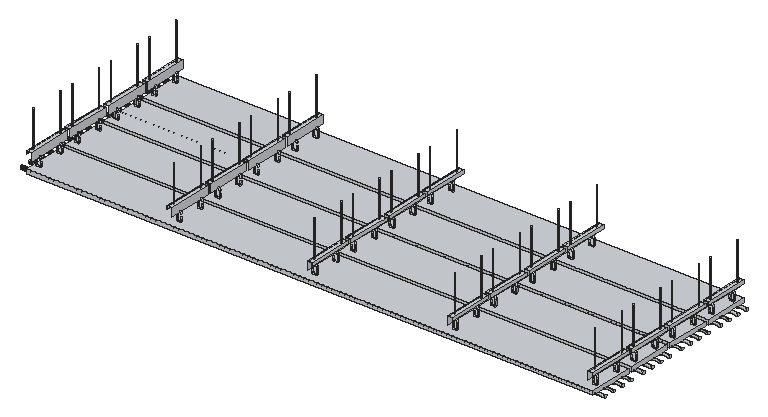
Revit family "INFRA_AQUA_ECO_TYPE_4", category Mechanical Equipment, Revit 2015
Parameters (values of type "Type 2 L=4000")
  Width_per_element = 306 mm
  URL = "http://www.markclimate.co.uk/radiant-heating/water-supplied/infra-aqua-eco/"
  Total_width = 1300 mm
  Space_between_elements = 25 mm
  Product_serie = "INFRA AQUA ECO"  # constant formula
  Pipe_spacing = 75 mm
  Panelweight [instance] = 50.00 kg
  Panel_height = 42 mm
  Model = "Type 1"
  Material_index = 4
  Material = none
  Manufacturer = "MARK Climate Technology"  # constant formula
  Length = Material_index * 1000 mm  # 4000 mm
  Last_panel [instance] = no
  Ifc_Export_type = "RADIATOR"  # constant formula
  Ifc_Export_as = "IfcSpaceHeater"  # constant formula
  Ifc_Description = "Radiant heater, waterfed, type INFRA AQUA ECO"  # constant formula
  Hook_panel = 28.302 mm
  Heating_load = 0 W
  Hanger_downforce_per_anchor [instance] = 12.16 kN
  First_panel [instance] = no
  Description = "Radiant heater, waterfed, type INFRA AQUA ECO"  # constant formula
  Date_last_modification = ""
  Ceiling_height = 350 mm
Types (3, lengths in mm): name | Total_width | Panelweight | Material_index | Material | Length | Hanger_downforce_per_anchor
  (no name) | 1300 | 50.00 kg | 4 | none | 4000 | 12.16 kN
  Type 2 L=4000 | 1300 | 50.00 kg | 4 | none | 4000 | 12.16 kN
  Type 2 L=6000 | 1299.6 | 74.00 kg | 6 | Aluminium | 6000 | 18.15 kN
Reference planes
  plane 1 "Center (Front/Back)": y = 495.65
  plane 2: z = 0
  plane 3 "Center (Left/Right)": x = 0
  plane 4: z = -12
  plane 5: x = -1945
  plane 6: x = 1945
  plane 7: x = 2000
  plane 8: x = -2000
  plane 9: z = -11
  plane 10: z = 30
  plane 11: y = -102.5
  plane 12: y = -122.5
  plane 13: y = -47.5
  plane 14: y = -27.5
  plane 15: y = 27.5
  plane 16: y = 47.5
  plane 17: y = 102.5
  plane 18: y = 122.5
  plane 19: z = 4
  plane 20: z = 58.302
  plane 21: y = 112.5
  plane 22: y = 37.5
  plane 23: y = -37.5
  plane 24: y = -112.5
  plane 25: z = -3.5
  plane 26: z = -11
  plane 27: z = 30
  plane 28: y = 227.5
  plane 29: y = 207.5
  plane 30: y = 282.5
  plane 31: y = 302.5
  plane 32: y = 357.5
  plane 33: y = 377.5
  plane 34: y = 432.5
  plane 35: y = 452.5
  plane 36: z = 4
  plane 37: z = 58.302
  plane 38: y = 442.5
  plane 39: y = 367.5
  plane 40: y = 292.5
  plane 41: y = 217.5
  plane 42: z = -3.5
  plane 43: y = 330
  plane 44: y = 558.8
  plane 45: y = 538.8
  plane 46: y = 613.8
  plane 47: y = 633.8
  plane 48: y = 688.8
  plane 49: y = 708.8
  plane 50: y = 763.8
  plane 51: y = 783.8
  plane 52: y = 773.8
  plane 53: y = 698.8
  plane 54: y = 623.8
  plane 55: y = 548.8
  plane 56: y = 890.1
  plane 57: y = 870.1
  plane 58: y = 945.1
  plane 59: y = 965.1
  plane 60: y = 1020.1
  plane 61: y = 1040.1
  plane 62: y = 1095.1
  plane 63: y = 1115.1
  plane 64: y = 1105.1
  plane 65: y = 1030.1
  plane 66: y = 955.1
  plane 67: y = 880.1
  plane 68: y = 1145.65
  plane 69: y = 839.6
  plane 70: y = 508.6
  plane 71: y = 482.65
  plane 72: y = 151.65
  plane 73: y = 814.6
  plane 74: y = 176.65
  plane 75: y = -154.35
Forms (mm)
  Extrusion 1, solid
    sketch origin (0, 0, 0) x (0, 1, 0) y (0, 0, 1)
      loop
        circle (-112.5, -3.5) r 7.5
      loop
        circle (-37.5, -3.5) r 7.5
      loop
        circle (37.5, -3.5) r 7.5
      loop
        circle (112.5, -3.5) r 7.5
    from -2000 to 2000
  Extrusion 2, solid
    sketch origin (0, 330, 0) x (0, 1, 0) y (0, 0, 1)
      loop
        circle (-112.5, -3.5) r 7.5
      loop
        circle (-37.5, -3.5) r 7.5
      loop
        circle (37.5, -3.5) r 7.5
      loop
        circle (112.5, -3.5) r 7.5
    from -2000 to 2000
  Extrusion 3, solid
    sketch origin (0, 661.3, 0) x (0, 1, 0) y (0, 0, 1)
      loop
        circle (-112.5, -3.5) r 7.5
      loop
        circle (-37.5, -3.5) r 7.5
      loop
        circle (37.5, -3.5) r 7.5
      loop
        circle (112.5, -3.5) r 7.5
    from -2000 to 2000
  Extrusion 4, solid
    sketch origin (0, 992.6, 0) x (0, 1, 0) y (0, 0, 1)
      loop
        circle (-112.5, -3.5) r 7.5
      loop
        circle (-37.5, -3.5) r 7.5
      loop
        circle (37.5, -3.5) r 7.5
      loop
        circle (112.5, -3.5) r 7.5
    from -2000 to 2000
  Extrusion 5, solid
    sketch origin (0, 0, 0) x (0, 1, 0) y (0, 0, 1)
      loop
        line (-154.35, 30) -> (-154.35, 0) -> (-122.5, 0)
        spline (-122.5, 0) -> (-122.159, -3.106) -> (-121.16, -6) -> (-119.571, -8.485) -> (-117.5, -10.392) -> (-115.088, -11.591) -> (-112.5, -12) -> (-109.912, -11.591) -> (-107.5, -10.392) -> (-105.429, -8.485) -> (-103.84, -6) -> (-102.841, -3.106) -> (-102.5, 0)
        line (-102.5, 0) -> (-47.5, 0)
        spline (-47.5, 0) -> (-47.159, -3.106) -> (-46.16, -6) -> (-44.571, -8.485) -> (-42.5, -10.392) -> (-40.088, -11.591) -> (-37.5, -12) -> (-34.912, -11.591) -> (-32.5, -10.392) -> (-30.429, -8.485) -> (-28.84, -6) -> (-27.841, -3.106) -> (-27.5, 0)
        line (-27.5, 0) -> (27.5, 0)
        spline (27.5, 0) -> (27.841, -3.106) -> (28.84, -6) -> (30.429, -8.485) -> (32.5, -10.392) -> (34.912, -11.591) -> (37.5, -12) -> (40.088, -11.591) -> (42.5, -10.392) -> (44.571, -8.485) -> (46.16, -6) -> (47.159, -3.106) -> (47.5, 0)
        line (47.5, 0) -> (102.5, 0)
        spline (102.5, 0) -> (102.841, -3.106) -> (103.84, -6) -> (105.429, -8.485) -> (107.5, -10.392) -> (109.912, -11.591) -> (112.5, -12) -> (115.088, -11.591) -> (117.5, -10.392) -> (119.571, -8.485) -> (121.16, -6) -> (122.159, -3.106) -> (122.5, 0)
        line (122.5, 0) -> (151.65, 0) -> (151.65, 30) -> (-154.35, 30)
      loop
        line (176.65, 30) -> (176.65, 0) -> (207.5, 0)
        spline (207.5, 0) -> (207.841, -3.106) -> (208.84, -6) -> (210.429, -8.485) -> (212.5, -10.392) -> (214.912, -11.591) -> (217.5, -12) -> (220.088, -11.591) -> (222.5, -10.392) -> (224.571, -8.485) -> (226.16, -6) -> (227.159, -3.106) -> (227.5, 0)
        line (227.5, 0) -> (282.5, 0)
        spline (282.5, 0) -> (282.841, -3.106) -> (283.84, -6) -> (285.429, -8.485) -> (287.5, -10.392) -> (289.912, -11.591) -> (292.5, -12) -> (295.088, -11.591) -> (297.5, -10.392) -> (299.571, -8.485) -> (301.16, -6) -> (302.159, -3.106) -> (302.5, 0)
        line (302.5, 0) -> (357.5, 0)
        spline (357.5, 0) -> (357.841, -3.106) -> (358.84, -6) -> (360.429, -8.485) -> (362.5, -10.392) -> (364.912, -11.591) -> (367.5, -12) -> (370.088, -11.591) -> (372.5, -10.392) -> (374.571, -8.485) -> (376.16, -6) -> (377.159, -3.106) -> (377.5, 0)
        line (377.5, 0) -> (432.5, 0)
        spline (432.5, 0) -> (432.841, -3.106) -> (433.84, -6) -> (435.429, -8.485) -> (437.5, -10.392) -> (439.912, -11.591) -> (442.5, -12) -> (445.088, -11.591) -> (447.5, -10.392) -> (449.571, -8.485) -> (451.16, -6) -> (452.159, -3.106) -> (452.5, 0)
        line (452.5, 0) -> (482.65, 0) -> (482.65, 30) -> (176.65, 30)
    from -1945 to 1945
  Extrusion 6, solid
    sketch origin (0, 0, 0) x (0, 1, 0) y (0, 0, 1)
      loop
        line (508.6, 30) -> (508.6, 0) -> (538.8, 0)
        spline (538.8, 0) -> (539.141, -3.106) -> (540.14, -6) -> (541.729, -8.485) -> (543.8, -10.392) -> (546.212, -11.591) -> (548.8, -12) -> (551.388, -11.591) -> (553.8, -10.392) -> (555.871, -8.485) -> (557.46, -6) -> (558.459, -3.106) -> (558.8, 0)
        line (558.8, 0) -> (613.8, 0)
        spline (613.8, 0) -> (614.141, -3.106) -> (615.14, -6) -> (616.729, -8.485) -> (618.8, -10.392) -> (621.212, -11.591) -> (623.8, -12) -> (626.388, -11.591) -> (628.8, -10.392) -> (630.871, -8.485) -> (632.46, -6) -> (633.459, -3.106) -> (633.8, 0)
        line (633.8, 0) -> (688.8, 0)
        spline (688.8, 0) -> (689.141, -3.106) -> (690.14, -6) -> (691.729, -8.485) -> (693.8, -10.392) -> (696.212, -11.591) -> (698.8, -12) -> (701.388, -11.591) -> (703.8, -10.392) -> (705.871, -8.485) -> (707.46, -6) -> (708.459, -3.106) -> (708.8, 0)
        line (708.8, 0) -> (763.8, 0)
        spline (763.8, 0) -> (764.141, -3.106) -> (765.14, -6) -> (766.729, -8.485) -> (768.8, -10.392) -> (771.212, -11.591) -> (773.8, -12) -> (776.388, -11.591) -> (778.8, -10.392) -> (780.871, -8.485) -> (782.46, -6) -> (783.459, -3.106) -> (783.8, 0)
        line (783.8, 0) -> (814.6, 0) -> (814.6, 30) -> (508.6, 30)
      loop
        line (839.6, 30) -> (839.6, 0) -> (869.8, 0)
        spline (869.8, 0) -> (870.141, -3.106) -> (871.14, -6) -> (872.729, -8.485) -> (874.8, -10.392) -> (877.212, -11.591) -> (879.8, -12) -> (882.388, -11.591) -> (884.8, -10.392) -> (886.871, -8.485) -> (888.46, -6) -> (889.459, -3.106) -> (889.8, 0)
        line (889.8, 0) -> (944.8, 0)
        spline (944.8, 0) -> (945.141, -3.106) -> (946.14, -6) -> (947.729, -8.485) -> (949.8, -10.392) -> (952.212, -11.591) -> (954.8, -12) -> (957.388, -11.591) -> (959.8, -10.392) -> (961.871, -8.485) -> (963.46, -6) -> (964.459, -3.106) -> (964.8, 0)
        line (964.8, 0) -> (1019.8, 0)
        spline (1019.8, 0) -> (1020.141, -3.106) -> (1021.14, -6) -> (1022.729, -8.485) -> (1024.8, -10.392) -> (1027.212, -11.591) -> (1029.8, -12) -> (1032.388, -11.591) -> (1034.8, -10.392) -> (1036.871, -8.485) -> (1038.46, -6) -> (1039.459, -3.106) -> (1039.8, 0)
        line (1039.8, 0) -> (1094.8, 0)
        spline (1094.8, 0) -> (1095.141, -3.106) -> (1096.14, -6) -> (1097.729, -8.485) -> (1099.8, -10.392) -> (1102.212, -11.591) -> (1104.8, -12) -> (1107.388, -11.591) -> (1109.8, -10.392) -> (1111.871, -8.485) -> (1113.46, -6) -> (1114.459, -3.106) -> (1114.8, 0)
        line (1114.8, 0) -> (1145.65, 0) -> (1145.65, 30) -> (839.6, 30)
    from -1945 to 1945
Dimensions and locks
  "Length": plane 8 to plane 7
  plane 8 to plane 5 = 55 mm
  locked: plane 6 to plane 7 at 55
  equal spacing: plane 5, plane 3 "Center (Left/Right)", plane 6
  "Hook_panel": plane 20 to plane 10
  equal spacing: nested 1, nested 3, nested 5, nested 4, nested 2
  "Panel_height": plane 10 to plane 4
  locked: plane 18 to plane 17 at 20
  locked: plane 16 to plane 15 at 20
  locked: plane 14 to plane 13 at 20
  locked: plane 11 to plane 12 at 20
  equal spacing: plane 19, plane 25, plane 9
  "Pipe_spacing": plane 22 to plane 21
  "Pipe_spacing": plane 22 to plane 23
  "Pipe_spacing": plane 23 to plane 24
  "Hook_panel": plane 37 to plane 27
  equal spacing: nested 10, nested 12, nested 14, nested 13, nested 11
  locked: plane 35 to plane 34 at 20
  locked: plane 33 to plane 32 at 20
  locked: plane 31 to plane 30 at 20
  locked: plane 28 to plane 29 at 20
  equal spacing: plane 36, plane 42, plane 26
  "Pipe_spacing": plane 40 to plane 41
  "Pipe_spacing": plane 39 to plane 40
  "Pipe_spacing": plane 38 to plane 39
  equal spacing: nested 19, nested 21, nested 23, nested 22, nested 20
  locked: plane 51 to plane 50 at 20
  locked: plane 49 to plane 48 at 20
  locked: plane 47 to plane 46 at 20
  locked: plane 44 to plane 45 at 20
  equal spacing: nested 28, nested 30, nested 32, nested 31, nested 29
  locked: plane 63 to plane 62 at 20
  locked: plane 61 to plane 60 at 20
  locked: plane 59 to plane 58 at 20
  locked: plane 56 to plane 57 at 20
  "Pipe_spacing": plane 54 to plane 55
  "Pipe_spacing": plane 53 to plane 54
  "Pipe_spacing": plane 52 to plane 53
  "Pipe_spacing": plane 66 to plane 67
  "Pipe_spacing": plane 65 to plane 66
  "Pipe_spacing": plane 64 to plane 65
  "Width_per_element": plane 70 to plane 73
  "Width_per_element": plane 74 to plane 71
  "Width_per_element": plane 75 to plane 72
  "Space_between_elements": plane 72 to plane 74
  "Space_between_elements": plane 73 to plane 69
  equal spacing: plane 68, plane 1 "Center (Front/Back)", plane 75
  "Total_width": plane 68 to plane 75
  aligned and locked: level to plane 2
  aligned and locked: nested 2 to plane 20
  aligned and locked: plane 8 to nested 9
  aligned and locked: nested 8 to plane 8
  aligned and locked: plane 8 to nested 7
  aligned and locked: plane 8 to nested 6
  aligned and locked: Extrusion 1 to plane 7
  aligned and locked: plane 8 to Extrusion 1  (x7)
  aligned and locked: plane 24 to Extrusion 1 sketch curve  (x2)
  aligned and locked: plane 21 to Extrusion 1 sketch curve  (x2)
  aligned and locked: plane 22 to Extrusion 1 sketch curve  (x2)
  aligned and locked: plane 23 to Extrusion 1 sketch curve  (x2)
  aligned and locked: nested 6 to plane 24
  aligned and locked: nested 7 to plane 23
  aligned and locked: nested 8 to plane 22
  aligned and locked: plane 21 to nested 9
  aligned and locked: nested 11 to plane 37
  aligned and locked: plane 41 to Extrusion 2 sketch curve  (x2)
  aligned and locked: plane 38 to Extrusion 2 sketch curve  (x2)
  aligned and locked: plane 39 to Extrusion 2 sketch curve  (x2)
  aligned and locked: plane 40 to Extrusion 2 sketch curve  (x2)
  aligned and locked: nested 15 to plane 41
  aligned and locked: nested 16 to plane 40
  aligned and locked: nested 17 to plane 39
  aligned and locked: plane 38 to nested 18
  aligned and locked: plane 5 to nested 11  (x2)
  aligned and locked: plane 5 to nested 2  (x2)
  aligned and locked: plane 8 to Extrusion 2  (x8)
  aligned and locked: plane 6 to nested 1
  aligned and locked: plane 6 to nested 10
  aligned and locked: Extrusion 2 to plane 7
  aligned and locked: plane 7 to Extrusion 1  (x2)
  aligned and locked: nested 18 to plane 8
  aligned and locked: nested 17 to plane 8
  aligned and locked: nested 16 to plane 8
  aligned and locked: nested 15 to plane 8
  aligned and locked: plane 55 to Extrusion 3 sketch curve  (x2)
  aligned and locked: plane 52 to Extrusion 3 sketch curve  (x2)
  aligned and locked: plane 53 to Extrusion 3 sketch curve  (x2)
  aligned and locked: plane 54 to Extrusion 3 sketch curve  (x2)
  aligned and locked: nested 24 to plane 55
  aligned and locked: nested 25 to plane 54
  aligned and locked: nested 26 to plane 53
  aligned and locked: plane 52 to nested 27
  aligned and locked: plane 67 to Extrusion 4 sketch curve  (x2)
  aligned and locked: plane 64 to Extrusion 4 sketch curve  (x2)
  aligned and locked: plane 65 to Extrusion 4 sketch curve  (x2)
  aligned and locked: plane 66 to Extrusion 4 sketch curve  (x2)
  aligned and locked: nested 33 to plane 67
  aligned and locked: nested 34 to plane 66
  aligned and locked: nested 35 to plane 65
  aligned and locked: plane 64 to nested 36
  aligned and locked: plane 75 to nested 2
  aligned and locked: plane 6 to Extrusion 5
  aligned and locked: Extrusion 5 to plane 5
  aligned and locked: Extrusion 5 to plane 71
  aligned and locked: plane 74 to Extrusion 5  (x2)
  aligned and locked: Extrusion 5 to plane 72
  aligned and locked: Extrusion 5 to plane 75  (x2)
  aligned and locked: plane 72 to nested 2
  aligned and locked: nested 11 to plane 74
  aligned and locked: plane 71 to Extrusion 5
  aligned and locked: plane 72 to Extrusion 5
  aligned and locked: Extrusion 6 to nested 19
  aligned and locked: Extrusion 6 to plane 5
  aligned and locked: plane 8 to Extrusion 4
  aligned and locked: nested 36 to plane 8
  aligned and locked: nested 35 to plane 8
  aligned and locked: nested 34 to plane 8
  aligned and locked: nested 33 to plane 8
  aligned and locked: plane 8 to Extrusion 3
  aligned and locked: nested 27 to plane 8
  aligned and locked: nested 26 to plane 8
  aligned and locked: plane 8 to nested 25
  aligned and locked: nested 24 to plane 8
  aligned and locked: Extrusion 4 to plane 7
  aligned and locked: Extrusion 3 to plane 7
  aligned and locked: plane 7 to Extrusion 2
  aligned and locked: nested 1 to plane 6
  aligned and locked: nested 10 to plane 6
  aligned and locked: plane 6 to Extrusion 6
  aligned and locked: plane 6 to nested 28
  aligned and locked: plane 5 to nested 29
  aligned and locked: plane 5 to nested 20  (x2)
  aligned and locked: plane 6 to nested 19
Automatic sketch dimensions
  Extrusion 1 sketch curve to Extrusion 1 sketch curve = 0 mm  (x4)
  Extrusion 1 sketch curve to plane 9 = 0 mm  (x4)
  Extrusion 1 sketch curve to plane 25 = 0 mm  (x4)
  Extrusion 2 sketch curve to Extrusion 2 sketch curve = 0 mm  (x4)
  plane 9 to Extrusion 2 sketch curve = 0 mm  (x4)
  plane 25 to Extrusion 2 sketch curve = 0 mm  (x4)
  Extrusion 3 sketch curve to Extrusion 3 sketch curve = 0 mm  (x4)
  plane 9 to Extrusion 3 sketch curve = 0 mm  (x4)
  plane 25 to Extrusion 3 sketch curve = 0 mm  (x4)
  Extrusion 4 sketch curve to Extrusion 4 sketch curve = 0 mm  (x4)
  plane 9 to Extrusion 4 sketch curve = 0 mm  (x4)
  plane 25 to Extrusion 4 sketch curve = 0 mm  (x4)
  Extrusion 5 sketch curve to level = 0 mm  (x2)
  Extrusion 5 sketch curve to plane 75 = 0 mm
  Extrusion 5 sketch curve to plane 12 = 0 mm
  Extrusion 5 sketch curve to plane 24 = 0 mm
  Extrusion 5 sketch curve to plane 13 = 0 mm
  Extrusion 5 sketch curve to plane 23 = 0 mm
  Extrusion 5 sketch curve to plane 15 = 0 mm
  Extrusion 5 sketch curve to plane 22 = 0 mm
  Extrusion 5 sketch curve to plane 17 = 0 mm
  Extrusion 5 sketch curve to plane 21 = 0 mm
  Extrusion 5 sketch curve to plane 10 = 0 mm
  Extrusion 5 sketch curve to plane 72 = 0 mm
  plane 10 to Extrusion 5 sketch curve = 0 mm
  Extrusion 5 sketch curve to plane 74 = 0 mm
  Extrusion 5 sketch curve to plane 29 = 0 mm
  Extrusion 5 sketch curve to plane 41 = 0 mm
  Extrusion 5 sketch curve to plane 30 = 0 mm
  Extrusion 5 sketch curve to plane 40 = 0 mm
  Extrusion 5 sketch curve to plane 32 = 0 mm
  Extrusion 5 sketch curve to plane 39 = 0 mm
  Extrusion 5 sketch curve to plane 34 = 0 mm
  Extrusion 5 sketch curve to plane 38 = 0 mm
  Extrusion 5 sketch curve to plane 71 = 0 mm
  Extrusion 6 sketch curve to level = 0 mm  (x2)
  Extrusion 6 sketch curve to plane 70 = 0 mm
  Extrusion 6 sketch curve to plane 45 = 0 mm
  Extrusion 6 sketch curve to plane 55 = 0 mm
  Extrusion 6 sketch curve to plane 46 = 0 mm
  Extrusion 6 sketch curve to plane 54 = 0 mm
  Extrusion 6 sketch curve to plane 48 = 0 mm
  Extrusion 6 sketch curve to plane 53 = 0 mm
  Extrusion 6 sketch curve to plane 50 = 0 mm
  Extrusion 6 sketch curve to plane 52 = 0 mm
  plane 10 to Extrusion 6 sketch curve = 0 mm  (x2)
  Extrusion 6 sketch curve to plane 73 = 0 mm
  Extrusion 6 sketch curve to plane 69 = 0 mm
  Extrusion 6 sketch curve to plane 68 = 0 mm
  Extrusion 6 sketch curve to plane 57 = 0.3 mm
  plane 56 to Extrusion 6 sketch curve = 0.3 mm
  plane 58 to Extrusion 6 sketch curve = 0.3 mm
  Extrusion 6 sketch curve to plane 59 = 0.3 mm
  Extrusion 6 sketch curve to plane 60 = 0.3 mm
  plane 61 to Extrusion 6 sketch curve = 0.3 mm
  Extrusion 6 sketch curve to plane 62 = 0.3 mm
  Extrusion 6 sketch curve to plane 63 = 0.3 mm
Nested families
  nested 1: "NLRS_50_ME_WPB_ophanging Infra Aqua ECO_Mark" at (1928, 0, 43.302), Ceiling_height <- "Ceiling_height", type "1p"
    with artikelnummer "", Length 306 mm, GTIN_Code "", EAN_code "", Ceiling_height 350 mm
  nested 2: "NLRS_50_ME_WPB_ophanging Infra Aqua ECO_Mark" at (-1928, -1.35, 43.302) x (-1, 0, 0) z (0, 0, 1), Ceiling_height <- "Ceiling_height", type "1p"
    with artikelnummer "", Length 306 mm, GTIN_Code "", EAN_code "", Ceiling_height 350 mm
  nested 3: "NLRS_50_ME_WPB_ophanging Infra Aqua ECO_Mark" at (964, 0, 43.302), Ceiling_height <- "Ceiling_height", type "1p"
    with artikelnummer "", Length 306 mm, GTIN_Code "", EAN_code "", Ceiling_height 350 mm
  nested 4: "NLRS_50_ME_WPB_ophanging Infra Aqua ECO_Mark" at (-964, 0, 43.302) x (-1, 0, 0) z (0, 0, 1), Ceiling_height <- "Ceiling_height", type "1p"
    with artikelnummer "", Length 306 mm, GTIN_Code "", EAN_code "", Ceiling_height 350 mm
  nested 5: "NLRS_50_ME_WPB_ophanging Infra Aqua ECO_Mark" at (0, 0, 43.302), Ceiling_height <- "Ceiling_height", type "1p"
    with artikelnummer "", Length 306 mm, GTIN_Code "", EAN_code "", Ceiling_height 350 mm
  nested 6: "NLRS_50_PIF_UN_perskoppeling_MARK" at (-2000, -112.5, -3.5), type "ø15"
    with artikelnummer "", GTIN_Code "", EAN_code ""
  nested 7: "NLRS_50_PIF_UN_perskoppeling_MARK" at (-2000, -37.5, -3.5), type "ø15"
    with artikelnummer "", GTIN_Code "", EAN_code ""
  nested 8: "NLRS_50_PIF_UN_perskoppeling_MARK" at (-2000, 37.5, -3.5), type "ø15"
    with artikelnummer "", GTIN_Code "", EAN_code ""
  nested 9: "NLRS_50_PIF_UN_perskoppeling_MARK" at (-2000, 112.5, -3.5), type "ø15"
    with artikelnummer "", GTIN_Code "", EAN_code ""
  nested 10: "NLRS_50_ME_WPB_ophanging Infra Aqua ECO_Mark" at (1928, 330, 43.302), Ceiling_height <- "Ceiling_height", type "1p"
    with artikelnummer "", Length 306 mm, GTIN_Code "", EAN_code "", Ceiling_height 350 mm
  nested 11: "NLRS_50_ME_WPB_ophanging Infra Aqua ECO_Mark" at (-1928, 329.825, 43.302) x (-1, 0, 0) z (0, 0, 1), Ceiling_height <- "Ceiling_height", type "1p"
    with artikelnummer "", Length 306.35 mm, GTIN_Code "", EAN_code "", Ceiling_height 350 mm
  nested 12: "NLRS_50_ME_WPB_ophanging Infra Aqua ECO_Mark" at (964, 330, 43.302), Ceiling_height <- "Ceiling_height", type "1p"
    with artikelnummer "", Length 306 mm, GTIN_Code "", EAN_code "", Ceiling_height 350 mm
  nested 13: "NLRS_50_ME_WPB_ophanging Infra Aqua ECO_Mark" at (-964, 330, 43.302) x (-1, 0, 0) z (0, 0, 1), Ceiling_height <- "Ceiling_height", type "1p"
    with artikelnummer "", Length 306 mm, GTIN_Code "", EAN_code "", Ceiling_height 350 mm
  nested 14: "NLRS_50_ME_WPB_ophanging Infra Aqua ECO_Mark" at (0, 330, 43.302), Ceiling_height <- "Ceiling_height", type "1p"
    with artikelnummer "", Length 306 mm, GTIN_Code "", EAN_code "", Ceiling_height 350 mm
  nested 15: "NLRS_50_PIF_UN_perskoppeling_MARK" at (-2000, 217.5, -3.5), type "ø15"
    with artikelnummer "", GTIN_Code "", EAN_code ""
  nested 16: "NLRS_50_PIF_UN_perskoppeling_MARK" at (-2000, 292.5, -3.5), type "ø15"
    with artikelnummer "", GTIN_Code "", EAN_code ""
  nested 17: "NLRS_50_PIF_UN_perskoppeling_MARK" at (-2000, 367.5, -3.5), type "ø15"
    with artikelnummer "", GTIN_Code "", EAN_code ""
  nested 18: "NLRS_50_PIF_UN_perskoppeling_MARK" at (-2000, 442.5, -3.5), type "ø15"
    with artikelnummer "", GTIN_Code "", EAN_code ""
  nested 19: "NLRS_50_ME_WPB_ophanging Infra Aqua ECO_Mark" at (1928, 661.3, 43.302), Ceiling_height <- "Ceiling_height", type "1p"
    with artikelnummer "", Length 306 mm, GTIN_Code "", EAN_code "", Ceiling_height 350 mm
  nested 20: "NLRS_50_ME_WPB_ophanging Infra Aqua ECO_Mark" at (-1928, 661.3, 43.302) x (-1, 0, 0) z (0, 0, 1), Ceiling_height <- "Ceiling_height", type "1p"
    with artikelnummer "", Length 306 mm, GTIN_Code "", EAN_code "", Ceiling_height 350 mm
  nested 21: "NLRS_50_ME_WPB_ophanging Infra Aqua ECO_Mark" at (964, 661.3, 43.302), Ceiling_height <- "Ceiling_height", type "1p"
    with artikelnummer "", Length 306 mm, GTIN_Code "", EAN_code "", Ceiling_height 350 mm
  nested 22: "NLRS_50_ME_WPB_ophanging Infra Aqua ECO_Mark" at (-964, 661.3, 43.302) x (-1, 0, 0) z (0, 0, 1), Ceiling_height <- "Ceiling_height", type "1p"
    with artikelnummer "", Length 306 mm, GTIN_Code "", EAN_code "", Ceiling_height 350 mm
  nested 23: "NLRS_50_ME_WPB_ophanging Infra Aqua ECO_Mark" at (0, 661.3, 43.302), Ceiling_height <- "Ceiling_height", type "1p"
    with artikelnummer "", Length 306 mm, GTIN_Code "", EAN_code "", Ceiling_height 350 mm
  nested 24: "NLRS_50_PIF_UN_perskoppeling_MARK" at (-2000, 548.8, -3.5), type "ø15"
    with artikelnummer "", GTIN_Code "", EAN_code ""
  nested 25: "NLRS_50_PIF_UN_perskoppeling_MARK" at (-2000, 623.8, -3.5), type "ø15"
    with artikelnummer "", GTIN_Code "", EAN_code ""
  nested 26: "NLRS_50_PIF_UN_perskoppeling_MARK" at (-2000, 698.8, -3.5), type "ø15"
    with artikelnummer "", GTIN_Code "", EAN_code ""
  nested 27: "NLRS_50_PIF_UN_perskoppeling_MARK" at (-2000, 773.8, -3.5), type "ø15"
    with artikelnummer "", GTIN_Code "", EAN_code ""
  nested 28: "NLRS_50_ME_WPB_ophanging Infra Aqua ECO_Mark" at (1928, 992.6, 43.302), Ceiling_height <- "Ceiling_height", type "1p"
    with artikelnummer "", Length 306 mm, GTIN_Code "", EAN_code "", Ceiling_height 350 mm
  nested 29: "NLRS_50_ME_WPB_ophanging Infra Aqua ECO_Mark" at (-1928, 992.6, 43.302) x (-1, 0, 0) z (0, 0, 1), Ceiling_height <- "Ceiling_height", type "1p"
    with artikelnummer "", Length 306 mm, GTIN_Code "", EAN_code "", Ceiling_height 350 mm
  nested 30: "NLRS_50_ME_WPB_ophanging Infra Aqua ECO_Mark" at (964, 992.6, 43.302), Ceiling_height <- "Ceiling_height", type "1p"
    with artikelnummer "", Length 306 mm, GTIN_Code "", EAN_code "", Ceiling_height 350 mm
  nested 31: "NLRS_50_ME_WPB_ophanging Infra Aqua ECO_Mark" at (-964, 992.6, 43.302) x (-1, 0, 0) z (0, 0, 1), Ceiling_height <- "Ceiling_height", type "1p"
    with artikelnummer "", Length 306 mm, GTIN_Code "", EAN_code "", Ceiling_height 350 mm
  nested 32: "NLRS_50_ME_WPB_ophanging Infra Aqua ECO_Mark" at (0, 992.6, 43.302), Ceiling_height <- "Ceiling_height", type "1p"
    with artikelnummer "", Length 306 mm, GTIN_Code "", EAN_code "", Ceiling_height 350 mm
  nested 33: "NLRS_50_PIF_UN_perskoppeling_MARK" at (-2000, 880.1, -3.5), type "ø15"
    with artikelnummer "", GTIN_Code "", EAN_code ""
  nested 34: "NLRS_50_PIF_UN_perskoppeling_MARK" at (-2000, 955.1, -3.5), type "ø15"
    with artikelnummer "", GTIN_Code "", EAN_code ""
  nested 35: "NLRS_50_PIF_UN_perskoppeling_MARK" at (-2000, 1030.1, -3.5), type "ø15"
    with artikelnummer "", GTIN_Code "", EAN_code ""
  nested 36: "NLRS_50_PIF_UN_perskoppeling_MARK" at (-2000, 1105.1, -3.5), type "ø15"
    with artikelnummer "", GTIN_Code "", EAN_code ""
Definition of nested family "NLRS_50_ME_WPB_ophanging Infra Aqua ECO_Mark"
  Parameters (values of type "3p")
    product_serie = ""
    Ceiling_height [instance] = 350 mm
    artikelnummer [instance] = ""
    Type Comments = ""
    Model = ""
    Material = none
    Length [instance] = 302 mm
    IfcExportType = ""
    IfcExportAs = ""
    IfcDescription = ""
    GTIN_Code [instance] = ""
    EAN_code [instance] = ""
    Distance_between_hooks = 180 mm
    Description = "Suspention set"  # constant formula
  Types (5, lengths in mm): name | Length
    1p | 302
    2p | 619
    3p | 302
    4p | 1283
    Std | 1283
  Reference planes
    plane 1 "Center (Front/Back)": y = 0
    plane 2: z = 0
    plane 3 "Center (Left/Right)": x = 0
    plane 4: y = 151
    plane 5: y = -151
    plane 6: y = 90
    plane 7: y = -90
  Forms (mm)
    Extrusion 1, solid
      sketch origin (0, 0, 0) x (1, 0, 0) y (0, 0, 1)
        loop
          line (-15, 40) -> (-15, 93) -> (15, 93) -> (15, 75) -> (17, 75) -> (17, 95) -> (-17, 95) -> (-17, 40) -> (-15, 40)
      from 151 to -151
    Extrusion 2, solid
      sketch origin (0, 0, 0) x (1, 0, 0) y (0, 1, 0)
        loop
          circle (0, 113.25) r 1.5
        loop
          circle (0, -113.25) r 1.5
      from 95 to 350
    Sweep 3, solid
      path origin (-34, 90, 1200) x (1, 0, 0) y (0, 0, 1)
        loop
          arc (3, -1165) -> (18, -1150) -> (33, -1165) r 15
          line (33, -1165) -> (33, -1205)
          arc (33, -1205) -> (18, -1220) -> (3, -1205) r 15
          line (3, -1205) -> (3, -1185)
      profile origin (-31, 90, 5) x (-1, 0, 0) y (0, -1, 0)
        loop
          circle (0, 0) r 3
    Sweep 4, solid
      path origin (-34, -90, 1200) x (1, 0, 0) y (0, 0, 1)
        loop
          arc (3, -1165) -> (18, -1150) -> (33, -1165) r 15
          line (33, -1165) -> (33, -1205)
          arc (33, -1205) -> (18, -1220) -> (3, -1205) r 15
          line (3, -1205) -> (3, -1185)
      profile origin (-31, -90, 5) x (1, 0, 0) y (0, 1, 0)
        loop
          circle (0, 0) r 3
  Text (mm)
    text "®  Itannex" at (-0.074, 40.744, 0), in view "Ref. Level"
  Dimensions and locks
    Extrusion 1 sketch curve to plane 2 = 40 mm
    Extrusion 1 sketch curve to Extrusion 1 sketch curve = 55 mm
    "Ceiling_height": Extrusion 2 to plane 2
    "Length": plane 5 to plane 4
    equal spacing: plane 4, plane 1 "Center (Front/Back)", plane 5
    plane 4 to Extrusion 2 sketch curve = 37.75 mm
    plane 5 to Extrusion 2 sketch curve = 37.75 mm
    "Distance_between_hooks": plane 6 to plane 7
    equal spacing: plane 6, plane 1 "Center (Front/Back)", plane 7
    aligned and locked: level to plane 2
    aligned and locked: plane 4 to Extrusion 1
    aligned and locked: plane 5 to Extrusion 1
  Automatic sketch dimensions
    Extrusion 1 sketch curve to plane 3 "Center (Left/Right)" = 17 mm
    Extrusion 1 sketch curve to Extrusion 1 sketch curve = 2 mm  (x3)
    plane 3 "Center (Left/Right)" to Extrusion 1 sketch curve = 15 mm
    Extrusion 1 sketch curve to Extrusion 1 sketch curve = 20 mm
    Extrusion 2 sketch curve to plane 3 "Center (Left/Right)" = 0 mm  (x2)
    Sweep 3 sketch curve to level = 5 mm
    Sweep 3 sketch curve to plane 3 "Center (Left/Right)" = 31 mm
    Sweep 3 sketch curve to Sweep 3 sketch curve = 15 mm  (x2)
    level to Sweep 3 sketch curve = 35 mm
    level to Sweep 3 sketch curve = 15 mm
    Sweep 3 sketch curve to profile plane = 0 mm
    profile plane to Sweep 3 sketch curve = 0 mm
    level to Sweep 4 sketch curve = 5 mm
    plane 3 "Center (Left/Right)" to Sweep 4 sketch curve = 31 mm
    Sweep 4 sketch curve to Sweep 4 sketch curve = 15 mm  (x2)
    Sweep 4 sketch curve to level = 35 mm
    Sweep 4 sketch curve to level = 15 mm
    Sweep 4 sketch curve to plane 7 = 0 mm
    Sweep 4 sketch curve to profile plane = 0 mm
    radius of Extrusion 2 sketch curve = 1.5 mm  (x2)
    radius of Sweep 3 sketch curve = 3 mm
    radius of Sweep 4 sketch curve = 3 mm
Definition of nested family "NLRS_50_PIF_UN_perskoppeling_MARK"
  Parameters (values of type "ø15")
    type_index = 0
    Radius = 7.5 mm
    product_serie = ""
    material_index = 0
    Lenght = 30 mm
    artikelnummer [instance] = ""
    Type Comments = ""
    NLRS_C_materiaal = none
    Model = "LOD400"
    Manufacturer = "Mark Climate Technology"  # constant formula
    IfcExportType = "UNION"  # constant formula
    IfcExportAs = "IfcPipeFitting"  # constant formula
    IfcDescription = Description  # "Press connection"
    GTIN_Code [instance] = ""
    EAN_code [instance] = ""
    Description = "Press connection"  # constant formula
    Date_last_modification = ""
  Reference planes
    plane 1 "Center (Front/Back)": y = 0
    plane 2: z = 0
    plane 3 "Center (Left/Right)": x = 0
  Forms (mm)
    Revolve 1, solid, material <- "NLRS_C_materiaal"
      sketch origin (0, 0, 0) x (1, 0, 0) y (0, 1, 0)
        loop
          line (-15, 7.5) -> (15, 7.5) -> (15, 9)
          arc (15, 9) -> (14, 10) -> (13, 9) r 1
          line (13, 9) -> (13, 8) -> (0.5, 8) -> (0.5, 9)
          arc (0.5, 9) -> (0, 9.5) -> (-0.5, 9) r 0.5
          line (-0.5, 9) -> (-0.5, 8) -> (-13, 8) -> (-13, 9)
          arc (-13, 9) -> (-14, 10) -> (-15, 9) r 1
          line (-15, 9) -> (-15, 7.5)
        axis (-15, 0) -> (15, 0)
      angle from 0 to 360
  Text (mm)
    text "®  Itannex" at (-0.074, 40.744, 0), in view "Ref. Level"
  Dimensions and locks
    "Radius": plane 1 "Center (Front/Back)" to Revolve 1 sketch curve
    Revolve 1 sketch curve to Revolve 1 sketch curve = 0.5 mm
    equal spacing: Revolve 1 sketch curve, plane 3 "Center (Left/Right)", Revolve 1 sketch curve
    Revolve 1 sketch curve to Revolve 1 sketch curve = 1.5 mm  (x3)
    "Lenght": Revolve 1 sketch curve to Revolve 1 sketch curve
    aligned and locked: level to plane 2
  Automatic sketch dimensions
    plane 1 "Center (Front/Back)" to Revolve 1 sketch curve = 0 mm
    Revolve 1 sketch curve to plane 3 "Center (Left/Right)" = 0 mm
    Revolve 1 sketch curve to Revolve 1 sketch curve = 1 mm  (x2)
    Revolve 1 sketch curve to plane 3 "Center (Left/Right)" = 0.5 mm
    Revolve 1 sketch curve to Revolve 1 sketch curve = 2 mm
    Revolve 1 sketch curve to Revolve 1 sketch curve = 3.224 mm
    Revolve 1 sketch curve to Revolve 1 sketch curve = 5.775 mm
